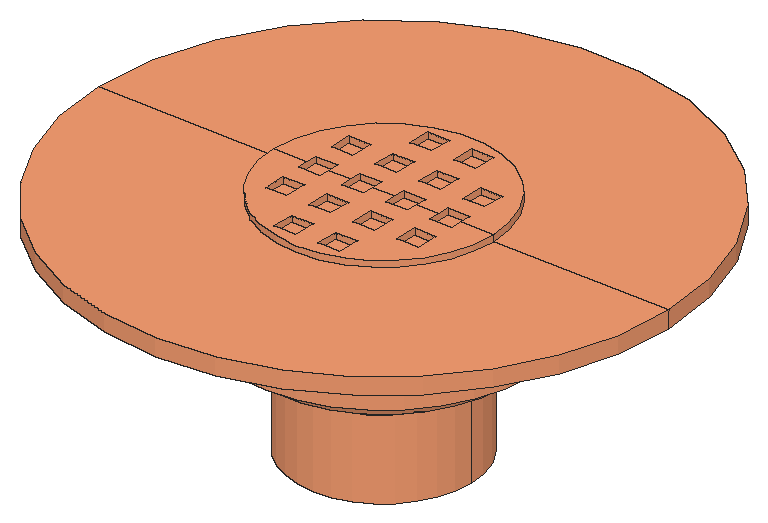
Revit family "Drain_Floor-Jay R.Smith-Round-Type-DX2005-DX2010_Series", category Plumbing Fixtures, Revit 2019
Family settings
  Round Connector Dimension = Use Radius
  Part Type = Normal
  OmniClass Number = 23.70.50.21.24
  OmniClass Title = Waste Water Drains
  Work Plane-Based = Yes
  Always vertical = Yes
  Cut with Voids When Loaded = No
  Shared = No
  Room Calculation Point = No
Parameters (values of type "DX 2010C 04")
  Waste Connection = yes
  Vent Connection = no
  URL = "http://www.jrsmith.com"
  U - Vandal Proof Screw = no
  Type Comments = "Round Top"  # constant formula
  Trap Primer Connection -P050   1/2" (13) & -P075 3/4" (19) = no
  T - Threaded Outlet = no
  Strainer Width 6" = not([Strainer Width 5"])  # no
  Strainer Width 5" = yes
  Strainer Radius = Strainer Diameter / 2  # 2 1/2"
  Strainer Diameter = if([Strainer Width 5"], 5", 6")  # 5"
  SS - Stainless Steel Strainers = no
  SH - Securing Holes = no
  Quad Close Trap Seal = no
  Product Documentation Link = "https://www.jrsmith.com/uploads/fileLibrary/ddx2005.pdf"
  PB - Polished Bronze Strainer = no
  Outlet Connection Description = "4\" Caulk Outlet Connection"
  NB - Nickel Bronze Strainer = no
  Model = "DX 2010C 04"
  Material = "Cast Iron-Jay R Smith-Duco Coated"
  Manufacturer = "Jay R. Smith "  # constant formula
  Load Rating = "'Light Duty having a Safe Live (Static) Load less than 2,000 lbs. (900 kg) per ASME A112.6.3 Floor Drain Standard."  # constant formula
  LXH - Speedi-Set Extra Heavy = no
  L - Speedi-Set Service Weight = no
  Height = Adjustable Height Constraint + 4"  # 5 1/4"
  HW Connection = no
  G - Galvanized Cast Iron Body = no
  Finish = Cast Iron-Jay R Smith-Duco Coated
  Diameter = 13"
  Description = "FLOOR OR SHOWER DRAINS WITH ADJUSTABLE STRAINER HEADS"  # constant formula
  Default Elevation = 0"
  Creation Date = "06/27/2023"  # constant formula
  Connection Size = 4"
  Connection Radius = Connection Size / 2  # 2"
  CW Connection = no
  B - Sediment Bucket = no
  Assembly Code = "D2030300"
  Adjustable Height Constraint = if(Adjustable Height < 1 1/4", 1 1/4", if(Adjustable Height > 2", 2", Adjustable Height))  # 1 1/4"
  Adjustable Height = 1 1/4"
Types (6): name | Outlet Connection Description | Model | Connection Size | Connection Radius
  DX 2005Y 02 | "2\" No-HUB Outlet Connection" | "DX 2005Y 02" | 2" | 1"
  DX 2005Y 03 | "3\" No-HUB Outlet Connection" | "DX 2005Y 03" | 3" | 1 1/2"
  DX 2005Y 04 | "4\" No-HUB Outlet Connection" | "DX 2005Y 04" | 4" | 2"
  DX 2010C 02 | "2\" Caulk Outlet Connection" | "DX 2010C 02" | 2" | 1"
  DX 2010C 03 | "3\" Caulk Outlet Connection" | "DX 2010C 03" | 3" | 1 1/2"
  DX 2010C 04 | "4\" Caulk Outlet Connection" | "DX 2010C 04" | 4" | 2"
Reference planes (in)
  plane 1 "Center (Front/Back)": y = 0
  plane 2: z = 0
  plane 3 "Center (Left/Right)": x = -0.54782
  plane 4: x = -7.04782
  plane 5: x = 5.95218
  plane 6: z = -1.25
  plane 7: z = -5.25
  plane 8: x = -5.04782
  plane 9: x = 3.95218
  plane 10: x = -3.92282
  plane 11: x = 2.82718
  plane 12: x = 1.95218
Forms (in)
  Revolve 1, solid, material "Cast Iron-Jay R Smith-Duco Coated" <- "Finish"
    sketch origin (0, 0, 0) x (1, 0, 0) y (0, 0, 1)
      loop
        line (-0.54782, -3.43685) -> (1.45218, -3.43685) -> (2.20091, -3.00457) -> (2.45091, -2.57156) -> (2.82718, -2.57156) -> (2.82718, -2.01695) -> (3.18578, -2.01695) -> (3.95218, -1.5) -> (3.95218, -1.25) -> (1.79531, -1.25) -> (1.79531, -1.125) -> (1.29531, -1.125) -> (1.29531, -0.81315) -> (1.62969, -0.50946) -> (5.95218, -0.50946) -> (5.95218, -0.13663) -> (1.95218, -0.13663) -> (1.95218, 0) -> (-0.54782, 0) -> (-0.54782, -3.43685)
      axis (-0.54782, 0) -> (-0.54782, -3.43685)
    angle from 0 to 360
  Revolve 2, solid, material "Cast Iron-Jay R Smith-Duco Coated" <- "Finish"
    sketch origin (0, 0, 0) x (1, 0, 0) y (0, 0, 1)
      loop
        line (-0.54782, -2.01695) -> (-0.54782, -5.25) -> (1.45218, -5.25) -> (1.45218, -2.01695) -> (-0.54782, -2.01695)
      axis (-0.54782, -2.01695) -> (-0.54782, -5.25)
    angle from 0 to 360
  Extrusion 3, void
    sketch origin (0, 0, 0) x (1, 0, 0) y (0, 1, 0)
      loop
        line (-1.29782, 2.19171) -> (-1.29782, 1.69171) -> (-0.79782, 1.69171) -> (-0.79782, 2.19171) -> (-1.29782, 2.19171)
      loop
        line (0.20218, 2.19171) -> (-0.29782, 2.19171) -> (-0.29782, 1.69171) -> (0.20218, 1.69171) -> (0.20218, 2.19171)
      loop
        line (-1.29782, 1.19171) -> (-1.29782, 0.69171) -> (-0.79782, 0.69171) -> (-0.79782, 1.19171) -> (-1.29782, 1.19171)
      loop
        line (0.20218, 1.19171) -> (-0.29782, 1.19171) -> (-0.29782, 0.69171) -> (0.20218, 0.69171) -> (0.20218, 1.19171)
      loop
        line (-2.29782, 1.19171) -> (-2.29782, 0.69171) -> (-1.79782, 0.69171) -> (-1.79782, 1.19171) -> (-2.29782, 1.19171)
      loop
        line (-1.29782, 0.25) -> (-1.29782, -0.25) -> (-0.79782, -0.25) -> (-0.79782, 0.25) -> (-1.29782, 0.25)
      loop
        line (-2.29782, 0.25) -> (-2.29782, -0.25) -> (-1.79782, -0.25) -> (-1.79782, 0.25) -> (-2.29782, 0.25)
      loop
        line (0.20218, 0.25) -> (-0.29782, 0.25) -> (-0.29782, -0.25) -> (0.20218, -0.25) -> (0.20218, 0.25)
      loop
        line (1.20218, 0.25) -> (0.70218, 0.25) -> (0.70218, -0.25) -> (1.20218, -0.25) -> (1.20218, 0.25)
      loop
        line (1.20218, 1.19171) -> (0.70218, 1.19171) -> (0.70218, 0.69171) -> (1.20218, 0.69171) -> (1.20218, 1.19171)
      loop
        line (-1.29782, -2.19171) -> (-0.79782, -2.19171) -> (-0.79782, -1.69171) -> (-1.29782, -1.69171) -> (-1.29782, -2.19171)
      loop
        line (0.20218, -2.19171) -> (0.20218, -1.69171) -> (-0.29782, -1.69171) -> (-0.29782, -2.19171) -> (0.20218, -2.19171)
      loop
        line (-1.29782, -1.19171) -> (-0.79782, -1.19171) -> (-0.79782, -0.69171) -> (-1.29782, -0.69171) -> (-1.29782, -1.19171)
      loop
        line (0.20218, -1.19171) -> (0.20218, -0.69171) -> (-0.29782, -0.69171) -> (-0.29782, -1.19171) -> (0.20218, -1.19171)
      loop
        line (-2.29782, -1.19171) -> (-1.79782, -1.19171) -> (-1.79782, -0.69171) -> (-2.29782, -0.69171) -> (-2.29782, -1.19171)
      loop
        line (1.20218, -1.19171) -> (1.20218, -0.69171) -> (0.70218, -0.69171) -> (0.70218, -1.19171) -> (1.20218, -1.19171)
    from -0.13663 to 0
Cuts and joins
  Extrusion 3 cuts Revolve 1
Dimensions and locks (in)
  equal spacing: plane 5, plane 3 "Center (Left/Right)", plane 4
  locked: plane 5 to plane 4 at 13
  "Adjustable Height Constraint": level to plane 6
  locked: plane 6 to plane 7 at 4
  equal spacing: plane 9, plane 3 "Center (Left/Right)", plane 8
  plane 9 to plane 8 = 9"
  equal spacing: plane 11, plane 3 "Center (Left/Right)", plane 10
  plane 11 to plane 10 = 6 3/4"
  Revolve 1 sketch curve to Revolve 1 sketch curve to Revolve 1 sketch curve to Revolve 1 sketch curve to Revolve 1 sketch curve to Revolve 1 sketch curve to Revolve 1 sketch curve = 1/8" locked, 1/4" locked, 0.51695" locked, 0.55461" locked, 0.43301" locked, 0.43228" locked
  "Connection Radius": Revolve 2 sketch curve to Revolve 2 sketch curve
  Revolve 1 sketch curve to Revolve 1 sketch curve to Revolve 1 sketch curve to Revolve 1 sketch curve = 0.13663" locked, 0.37283" locked, 0.30369" locked
  "Strainer Radius": plane 12 to plane 3 "Center (Left/Right)"
  aligned and locked: Revolve 1 sketch curve to plane 3 "Center (Left/Right)"
  aligned and locked: Revolve 1 sketch curve to plane 5
  aligned and locked: level to Revolve 1 sketch curve
  aligned and locked: plane 11 to Revolve 1 sketch curve
  aligned and locked: Revolve 1 sketch curve to plane 9
  aligned and locked: Revolve 2 sketch curve to plane 3 "Center (Left/Right)"
  aligned and locked: Revolve 2 sketch curve to Revolve 1
  aligned and locked: plane 7 to Revolve 2 sketch curve
  aligned and locked: plane 3 "Center (Left/Right)" to Revolve 2 sketch curve
  aligned and locked: Extrusion 3 to Revolve 1
  aligned and locked: Revolve 1 to Extrusion 3
  aligned and locked: plane 6 to Revolve 1 sketch curve
  aligned and locked: Revolve 1 sketch curve to plane 12
Automatic sketch dimensions
  Extrusion 3 sketch curve to Extrusion 3 sketch curve = 0"  (x12)
  Extrusion 3 sketch curve to Extrusion 3 sketch curve = 1/2"  (x28)
  Extrusion 3 sketch curve to plane 3 "Center (Left/Right)" = 3/4"
  Extrusion 3 sketch curve to plane 3 "Center (Left/Right)" = 1/4"  (x5)
  plane 3 "Center (Left/Right)" to Extrusion 3 sketch curve = 1/4"  (x5)
  plane 1 "Center (Front/Back)" to Extrusion 3 sketch curve = 2.19171"
  plane 1 "Center (Front/Back)" to Extrusion 3 sketch curve = 1/4"  (x4)
  Extrusion 3 sketch curve to plane 1 "Center (Front/Back)" = 1/4"  (x4)
  Extrusion 3 sketch curve to Extrusion 3 sketch curve = 0.44171"  (x4)
  Revolve 1 sketch curve to plane 3 "Center (Left/Right)" = 0"
  Revolve 1 sketch curve to Revolve 1 sketch curve = 0.37628"
  Revolve 1 sketch curve to plane 11 = 0.35859"
  Revolve 1 sketch curve to plane 7 = 13 3/4"
  Revolve 1 sketch curve to Revolve 1 sketch curve = 1 3/4"
  plane 11 to Revolve 1 sketch curve = 1.53188"
  Revolve 1 sketch curve to Revolve 1 sketch curve = 0.99872"
  Revolve 1 sketch curve to Revolve 1 sketch curve = 1/2"
  Revolve 1 sketch curve to Revolve 1 sketch curve = 0.32249"
  Revolve 1 sketch curve to Revolve 1 sketch curve = 1/4"
  Revolve 2 sketch curve to plane 7 = 1"
  level to Revolve 2 sketch curve = 1 3/4"
Connectors (in)
  piping at (-0.54782, 0, -5.25), diameter 4, driven by "Connection Radius", driven by "Outlet Connection Description"
    settings: on Revolve 2, index 1, connector inside diameter 24", connector length 0", flow factor 0, pipe flow 0 GPM, pressure drop 0.00 psi, fitting loss kfactor 0, connector angle 0.00°, fixture units 0, engagement length 0", angle of deflection 0.00°, flow configuration 0, flow direction 2, fitting loss method 0, system type 16, joint type 0, gender type 0, connector reference index -1, connector utility 0, adjustable connector no, is connector primary yes, connector description "4\" Caulk Outlet Connection"
